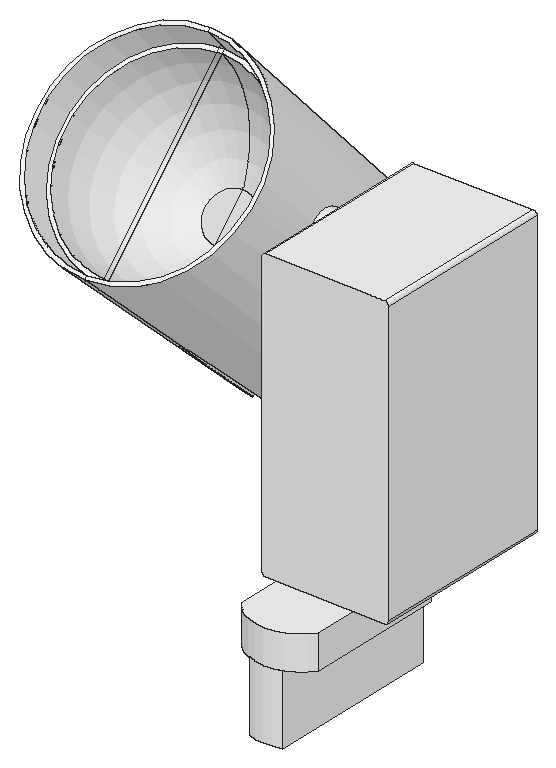
Revit family "0004811 Feilo Sylvania Lighting Fixture START TRACK SPOT S 14W 3K RA80 NB WHITE", category Lighting Fixtures, host Face, Revit 2017 (continued)
Definition of nested family "Start Track Spot Head"
  Types (96, lengths in mm): name | Wattage | built-in parameter 1150134 | Photometric Web File | Model | built-in parameter 1150105 | Lumens | built-in parameter 1150107 | built-in parameter 1150106 | HeadThickness_FEILO | HeadRibOffset_FEILO | HeadRibDepth_FEILO | HeadRibCutWidth_FEILO | HeadRibCutOffset_FEILO | HeadReflectorRadius_FEILO | HeadReflectorOffset_FEILO | HeadLEDRadius_FEILO | HeadHeight_FEILO | HeadDiffusorOffset_FEILO | HeadDiaOut_FEILO | HeadDiaIn_FEILO | HeadAxisFromTop_FEILO | Emit from Circle Diameter | built-in parameter 1150104 | Description | Apparent Load
    0004812 START TRACK SPOT S 14W 3K RA80 MB WHITE | 14 W | (empty or 0) | "0004812.ies" | "START TRACK SPOT S 14W 3K RA80 MB WHITE" | 120.32 (stored number, unit not read) | 1512 lm | 3000 (stored number, unit not read) | 1.2032 (stored number, unit not read) | 1.5 | 4.179 | 55.714 | 7.167 | 50.87 | 50.588 | 55.714 | 9.556 | 117 | 9.435 | 86 | 77.477 | 69.354 | 77.477 | 10.034 (stored number, unit not read) | "Integrated LED spotlight, Textured White - RAL9016, compact and minimalist design, ideal for retail applications, die-cast aluminium body, passive cooling heatsink. Beam angle: 36°, color temperature: 3000K , total system power: 14W, total fixture output: 1508 lm, LOR: 100%, colour rendering: Ra: 80 typical, LED Chromaticity: 3 step MacAdam ellipse, lifetime: >50000 hours at L70B50, energy class: A++, A+, A, IR/UV free light source without heat radiation, operating voltage: 220-240V / 50-60Hz, drive current: 350mA, electronic driver, non-dimmable, power factor: 0.92, electrical protection: Class II, Global Track 3 Phase adapter suitable for Global trac 3-circuit tracks, ingress protection rating: IP20, suitable for internal environment only, horizontal rotation: 355°, vertical tilt: 90°, dimensions: Ø86x140x200, weight: 0.940kg." | 14 VA
    0004811 START TRACK SPOT S 14W 3K RA80 NB WHITE | 14 W | (empty or 0) | "0004811.ies" | "START TRACK SPOT S 14W 3K RA80 NB WHITE" | 123.66 (stored number, unit not read) | 1554 lm | 3000 (stored number, unit not read) | 1.2366 (stored number, unit not read) | 1.5 | 4.179 | 55.714 | 7.167 | 50.87 | 50.588 | 55.714 | 9.556 | 117 | 9.435 | 86 | 77.477 | 69.354 | 77.477 | 10.312 (stored number, unit not read) | "Integrated LED spotlight, Textured White - RAL9016, compact and minimalist design, ideal for retail applications, die-cast aluminium body, passive cooling heatsink. Beam angle: 12°, color temperature: 3000K , total system power: 14W, total fixture output: 1551 lm, LOR: 100%, colour rendering: Ra: 80 typical, LED Chromaticity: 3 step MacAdam ellipse, lifetime: >50000 hours at L70B50, energy class: A++, A+, A, IR/UV free light source without heat radiation, operating voltage: 220-240V / 50-60Hz, drive current: 350mA, electronic driver, non-dimmable, power factor: 0.92, electrical protection: Class II, Global Track 3 Phase adapter suitable for Global trac 3-circuit tracks, ingress protection rating: IP20, suitable for internal environment only, horizontal rotation: 355°, vertical tilt: 90°, dimensions: Ø86x140x200, weight: 0.940kg." | 14 VA
  Reference planes
    plane 1 "Center (Front/Back)": y = 0
    plane 2: z = 0
    plane 3 "Center (Left/Right)": x = 0
    plane 4: x = 43
    plane 5: x = -43
    plane 6: x = -38.739
    plane 7: x = 38.739
    plane 8: z = 69.354
    plane 9: z = -47.646
    plane 10: x = -41.5
    plane 11: x = -37.239
    plane 12: z = -38.211
    plane 13: z = -35.211
    plane 14: z = 8.068
    plane 15: x = -9.556
    plane 16: x = -28.667
    plane 17: x = -19.111
    plane 18: x = -27.167
    plane 19: x = -17.611
    plane 20: x = -8.056
    plane 21: z = 13.64
    plane 22: x = -29.667
    plane 23: x = -26.167
    plane 24: x = -20.111
    plane 25: x = -16.611
    plane 26: x = -10.556
    plane 27: x = -7.056
    plane 28: x = -36.239
    plane 29: x = -40.5
    plane 30: z = 65.175
    plane 31: z = 60.997
    plane 32: z = 56.818
    plane 33: z = 18.484
    plane 34: y = -43
    plane 35: y = 43
    plane 36: y = 3.583
    plane 37: y = -3.583
    plane 38: y = -2.583
    plane 39: y = 2.583
    plane 40: y = 46
    plane 41: z = 13.5
    plane 42: z = -13.5
    plane 43: y = 39
    plane 44: x = 4.708
    plane 45: x = -2.458
    plane 46: x = -1.458
    plane 47: x = 1.458
  Forms (mm)
    Extrusion 1, solid
      sketch origin (4.2, 0, 0) x (1, 0, 0) y (0, 1, 0)
        loop
          line (-1219.2, 1219.2) -> (-1219.2, -1219.2) -> (1219.2, -1219.2) -> (1219.2, 1219.2) -> (-1219.2, 1219.2)
      from 0 to -68.017
    Revolve 2, solid, material <- "Material_1_FEILO", detail levels medium+fine
      sketch origin (0, 0, 0) x (1, 0, 0) y (0, 0, 1)
        loop
          line (-43, -47.646) -> (-41.5, -47.646) -> (-40.5, -35.211) -> (-38.739, -35.211)
          arc (-38.739, -35.211) -> (-30.16, -9.517) -> (-9.556, 8.068) r 50.588
          line (-9.556, 8.068) -> (0, 8.068) -> (0, 13.64) -> (-16.611, 13.64) -> (-17.611, 60.997) -> (-19.111, 60.997) -> (-20.111, 13.64) -> (-36.239, 13.64) -> (-37.239, 69.354) -> (-38.739, 69.354) -> (-43, -47.646)
        axis (0, 69.354) -> (0, -47.646)
      angle from 360 to 0
    Extrusion 3, void
      sketch origin (0, 0, 0) x (0, 1, 0) y (0, 0, 1)
        loop
          line (-3.583, 69.354) -> (-2.583, 18.484) -> (1.932, 18.484) -> (2.932, 69.354) -> (-3.583, 69.354)
      from 43 to -43
    Revolve 4, solid, material <- "Material_2_FEILO", detail levels medium+fine
      sketch origin (0, 0, 0) x (1, 0, 0) y (0, 0, 1)
        loop
          line (-41.5, -38.211) -> (0, -38.211) -> (0, -35.211) -> (-41.5, -35.211) -> (-41.5, -38.211)
        axis (0, -35.211) -> (0, -38.211)
      angle from 360 to 0
    Revolve 5, solid, material <- "Material_1_FEILO"
      sketch origin (0, 0, 0) x (0, 1, 0) y (0, 0, 1)
        loop
          line (46, 0) -> (39, 0) -> (39, -13.5) -> (46, -13.5) -> (46, 0)
        axis (39, 0) -> (46, 0)
      angle from 360 to 0
    Revolve 6, solid, material <- "Material_1_FEILO", detail levels medium+fine
      sketch origin (0, 0, 0) x (1, 0, 0) y (0, 0, 1)
        loop
          line (-29.667, 13.64) -> (-26.167, 13.64) -> (-27.167, 65.175) -> (-28.667, 65.175) -> (-29.667, 13.64)
        loop
          line (-10.556, 13.64) -> (-7.056, 13.64) -> (-7.833, 56.818) -> (-9.778, 56.818) -> (-10.556, 13.64)
        axis (0, 65.175) -> (0, 13.64)
      angle from 360 to 0
    Extrusion 7, void
      sketch origin (0, 0, 0) x (1, 0, 0) y (0, 0, 1)
        loop
          line (4.708, 69.354) -> (-2.458, 69.354) -> (-1.458, 13.64) -> (1.458, 13.64) -> (4.708, 69.354)
      from -43 to 43
    Revolve 8, solid, material <- "Material_1_FEILO", detail levels coarse
      sketch origin (0, 0, 0) x (1, 0, 0) y (0, 0, 1)
        loop
          line (0, 69.354) -> (-38.739, 69.354) -> (-43, -47.646) -> (-41.5, -47.646) -> (-40.731, -38.211) -> (0, -38.211) -> (0, 69.354)
        axis (0, 69.354) -> (0, -47.646)
      angle from 360 to 0
  Cuts and joins
    Extrusion 3 cuts Revolve 2
    Extrusion 7 cuts Revolve 6
  Dimensions and locks
    equal spacing: plane 7, plane 3 "Center (Left/Right)", plane 6
    equal spacing: plane 4, plane 3 "Center (Left/Right)", plane 5
    "HeadDiaOut_FEILO": plane 4 to plane 5
    "HeadDiaIn_FEILO": plane 7 to plane 6
    "HeadHeight_FEILO": plane 8 to plane 9
    "HeadThickness_FEILO": plane 10 to plane 5
    "HeadThickness_FEILO": plane 11 to plane 6
    "HeadDiffusorOffset_FEILO": plane 12 to plane 9
    "HeadDiffusorThickness_FEILO": plane 13 to plane 12
    "HeadReflectorOffset_FEILO": plane 14 to plane 9
    "HeadLEDRadius_FEILO": plane 3 "Center (Left/Right)" to plane 15
    "HeadLEDRadius_FEILO": plane 15 to plane 17
    "HeadLEDRadius_FEILO": plane 17 to plane 16
    "HeadThickness_FEILO": plane 18 to plane 16
    "HeadThickness_FEILO": plane 19 to plane 17
    "HeadThickness_FEILO": plane 20 to plane 15
    "HeadRibDepth_FEILO": plane 8 to plane 21
    "HeadDraft_FEILO": plane 16 to plane 22
    "HeadDraft_FEILO": plane 23 to plane 18
    "HeadDraft_FEILO": plane 17 to plane 24
    "HeadDraft_FEILO": plane 25 to plane 19
    "HeadDraft_FEILO": plane 15 to plane 26
    "HeadDraft_FEILO": plane 27 to plane 20
    "HeadDraft_FEILO": plane 29 to plane 10
    "HeadDraft_FEILO": plane 28 to plane 11
    "HeadRibOffset_FEILO": plane 8 to plane 30
    "HeadRibOffset_FEILO": plane 30 to plane 31
    "HeadRibOffset_FEILO": plane 31 to plane 32
    "HeadAxisFromTop_FEILO": plane 8 to plane 2
    "HeadRibCutOffset_FEILO": plane 8 to plane 33
    equal spacing: plane 34, plane 1 "Center (Front/Back)", plane 35
    "HeadDiaOut_FEILO": plane 34 to plane 35
    equal spacing: plane 38, plane 1 "Center (Front/Back)", plane 39
    equal spacing: plane 37, plane 1 "Center (Front/Back)", plane 36
    "HeadRibCutWidth_FEILO": plane 37 to plane 36
    "HeadDraft_FEILO": plane 37 to plane 38
    locked: plane 35 to plane 40 at 3
    equal spacing: plane 41, plane 2, plane 42
    locked: plane 42 to plane 41 at 27
    locked: plane 43 to plane 35 at 4
    equal spacing: plane 45, imposter light, plane 44
    "HeadDraft_FEILO": plane 46 to plane 45
    "HeadRibCutWidth_FEILO": plane 44 to plane 45
    equal spacing: plane 47, plane 3 "Center (Left/Right)", plane 46
    "HeadReflectorRadius_FEILO": radius of Revolve 2 sketch curve
    aligned and locked: plane 2 to Extrusion 1
    aligned and locked: level to Extrusion 1
    aligned and locked: Revolve 2 sketch curve to plane 3 "Center (Left/Right)"  (x2)
    aligned and locked: plane 9 to Revolve 2 sketch curve  (x2)
    aligned and locked: plane 5 to Revolve 2 sketch curve
    aligned and locked: plane 10 to Revolve 2 sketch curve
    aligned and locked: plane 14 to Revolve 2 sketch curve
    aligned and locked: plane 8 to Revolve 2 sketch curve
    aligned and locked: Revolve 2 sketch curve to plane 13
    aligned and locked: plane 12 to Revolve 4 sketch curve
    aligned and locked: plane 3 "Center (Left/Right)" to Revolve 4 sketch curve
    aligned and locked: Revolve 4 sketch curve to plane 10
    aligned and locked: Revolve 4 sketch curve to plane 3 "Center (Left/Right)"
    aligned and locked: plane 12 to imposter light
    aligned and locked: imposter light to plane 1 "Center (Front/Back)"
    aligned and locked: Revolve 5 sketch curve to plane 2
    aligned and locked: plane 43 to Revolve 5 sketch curve
    aligned and locked: plane 42 to Revolve 5 sketch curve
    aligned and locked: Revolve 6 sketch curve to plane 3 "Center (Left/Right)"
    aligned and locked: plane 22 to Revolve 6 sketch curve
    aligned and locked: plane 30 to Revolve 6 sketch curve
    aligned and locked: plane 23 to Revolve 6 sketch curve
    aligned and locked: Revolve 6 sketch curve to plane 21  (x2)
    aligned and locked: plane 21 to Revolve 6 sketch curve
    aligned and locked: plane 17 to Revolve 2 sketch curve
    aligned and locked: plane 19 to Revolve 2 sketch curve
    aligned and locked: plane 31 to Revolve 2 sketch curve
    aligned and locked: plane 21 to Revolve 2 sketch curve
    aligned and locked: Extrusion 3 to plane 8
    aligned and locked: plane 33 to Extrusion 3
    aligned and locked: plane 8 to Extrusion 3 sketch curve
    aligned and locked: Extrusion 3 sketch curve to plane 33
    aligned and locked: Extrusion 3 to plane 5
    aligned and locked: plane 4 to Extrusion 3
    aligned and locked: plane 32 to Revolve 6 sketch curve
    aligned and locked: plane 44 to Extrusion 7 sketch curve
    aligned and locked: Extrusion 7 sketch curve to plane 8
    aligned and locked: plane 46 to Extrusion 7 sketch curve
    aligned and locked: plane 21 to Extrusion 7 sketch curve
    aligned and locked: plane 34 to Extrusion 7
    aligned and locked: Extrusion 7 to plane 35
    aligned and locked: Revolve 4 sketch curve to plane 13
    aligned and locked: Revolve 5 sketch curve to plane 40
    aligned and locked: Revolve 8 sketch curve to plane 3 "Center (Left/Right)"
    aligned and locked: Revolve 8 sketch curve to cut or joined group of Revolve 2, Extrusion 3  (x3)
    aligned and locked: plane 5 to Revolve 8 sketch curve
    aligned and locked: plane 3 "Center (Left/Right)" to Revolve 8 sketch curve
    aligned and locked: plane 12 to Revolve 8 sketch curve
  Automatic sketch dimensions
    Extrusion 1 sketch curve to Extrusion 1 sketch curve = 2438.4 mm  (x2)
    Extrusion 3 sketch curve to plane 37 = 0 mm
    Extrusion 3 sketch curve to plane 38 = 0 mm
    plane 39 to Extrusion 3 sketch curve = 0.651 mm
    Extrusion 3 sketch curve to plane 39 = 0.349 mm
    Revolve 6 sketch curve to plane 16 = 0 mm
    Revolve 6 sketch curve to plane 18 = 0 mm
    Revolve 6 sketch curve to plane 26 = 0 mm
    Revolve 6 sketch curve to plane 27 = 0 mm
    Revolve 6 sketch curve to plane 15 = 0.222 mm
    plane 9 to Revolve 6 sketch curve = 559.103 mm
    Revolve 6 sketch curve to plane 8 = 2535.555 mm
    plane 20 to Revolve 6 sketch curve = 0.222 mm
    Revolve 2 sketch curve to plane 29 = 0 mm
    Revolve 2 sketch curve to plane 6 = 0 mm  (x2)
    Revolve 2 sketch curve to plane 11 = 0 mm
    Revolve 2 sketch curve to plane 21 = 0 mm
    Revolve 2 sketch curve to plane 28 = 0 mm
    Revolve 2 sketch curve to plane 24 = 0 mm
    Revolve 2 sketch curve to plane 25 = 0 mm
    Revolve 2 sketch curve to plane 15 = 0 mm
    Revolve 2 sketch curve to Revolve 2 sketch curve = 557.155 mm
    Revolve 2 sketch curve to plane 8 = 2535.558 mm
    Extrusion 7 sketch curve to plane 45 = 0 mm
    Extrusion 7 sketch curve to plane 47 = 0 mm
    plane 9 to Revolve 4 sketch curve = 559.103 mm
    Revolve 4 sketch curve to plane 8 = 2535.555 mm
    Revolve 5 sketch curve to level = 0 mm
    plane 34 to Revolve 5 sketch curve = 1968.092 mm
    Revolve 5 sketch curve to plane 40 = 1405.763 mm
    Revolve 8 sketch curve to plane 6 = 0 mm
    Revolve 8 sketch curve to plane 29 = 0.231 mm
    plane 9 to Revolve 8 sketch curve = 559.103 mm
    Revolve 8 sketch curve to Revolve 8 sketch curve = 2535.555 mm
Definition of nested family "Start Track Spot Box"
  Parameters (values of type "Type Large White")
    URL = "http://www.feilosylvania.com"
    Type Image = (empty or 0)
    Type Comments = "n/a"
    Small_FEILO = no
    Material_3_FEILO = none
    Model = ""
    Manufacturer = "Feilo Sylvania"
    Keynote = ""
    Material_2_FEILO = none
    Description = ""
    Default Elevation = 1219.2 mm
    Cost = 0
    Material_1_FEILO = none
    BoxWidth_FEILO = 49 mm
    BoxStartAngle_FEILO [instance] = 0.00°
    BoxRadius_FEILO = 1.5 mm
    BoxHeight_FEILO = if(Small_FEILO, 112 mm, 136 mm)  # 136 mm
    BoxEndAngle_FEILO [instance] = BoxStartAngle_FEILO - 180.00°  # -180.00°
    BoxDepth_FEILO = if(Small_FEILO, 71.5 mm, 79 mm)  # 79 mm
    BoxAxisVerticalOffset_FEILO = 16 mm
    BoxAxisOffset_FEILO = BoxHeight_FEILO / 6.8  # 20 mm
    Assembly Code = ""
    Material_4_FEILO = none
  Types (4, lengths in mm): name | Small_FEILO | BoxHeight_FEILO | BoxDepth_FEILO | BoxAxisOffset_FEILO
    Type Large White | no | 136 | 79 | 20
    Type Small White | yes | 112 | 71.5 | 16.471
    Type Small Black | yes | 112 | 71.5 | 16.471
    Type Large Black | no | 136 | 79 | 20
  Reference planes
    plane 1 "Center (Front/Back)": y = 0
    plane 2: z = 0
    plane 3 "Center (Left/Right)": x = 0
    plane 4: x = 24.5
    plane 5: x = -24.5
    plane 6: y = 68
    plane 7: y = -68
    plane 8: z = 39.5
    plane 9: z = -39.5
    plane 10: y = -48
    plane 11: x = 30.5
    plane 12: x = 8.5
    plane 13: x = 21.5
    plane 14: y = 70
    plane 15: y = 72
    plane 16: x = 19.5
  Forms (mm)
    Extrusion 1, solid
      sketch origin (4.2, 0, 0) x (1, 0, 0) y (0, 1, 0)
        loop
          line (-1219.2, 1219.2) -> (-1219.2, -1219.2) -> (1219.2, -1219.2) -> (1219.2, 1219.2) -> (-1219.2, 1219.2)
      from 0 to -68.017
    Extrusion 2, solid, material <- "Material_1_FEILO"
      sketch origin (0, 0, 0) x (1, 0, 0) y (0, 1, 0)
        loop
          arc (-23, 68) -> (-24.061, 67.561) -> (-24.5, 66.5) r 1.5
          line (-24.5, 66.5) -> (-24.5, -66.5)
          arc (-24.5, -66.5) -> (-24.061, -67.561) -> (-23, -68) r 1.5
          line (-23, -68) -> (23, -68)
          arc (23, -68) -> (24.061, -67.561) -> (24.5, -66.5) r 1.5
          line (24.5, -66.5) -> (24.5, 66.5)
          arc (24.5, 66.5) -> (24.061, 67.561) -> (23, 68) r 1.5
          line (23, 68) -> (-23, 68)
      from -39.5 to 39.5
    Revolve 3, solid, not visible
      sketch origin (0, 0, 0) x (1, 0, 0) y (0, 1, 0)
        loop
          line (30.5, -48) -> (24.5, -48) -> (24.5, -68) -> (30.5, -68) -> (30.5, -48)
        axis (30.5, -48) -> (24.5, -48)
      angle from 0 <- "BoxStartAngle_FEILO" to -180 <- "BoxEndAngle_FEILO"
    Revolve 4, solid, material <- "Material_2_FEILO"
      sketch origin (0, 0, 0) x (1, 0, 0) y (0, 1, 0)
        loop
          line (8.5, 68) -> (19.5, 68) -> (19.5, 70) -> (21.5, 70) -> (21.5, 72) -> (8.5, 72) -> (8.5, 68)
        axis (8.5, 72) -> (8.5, 68)
      angle from 360 to 0
  Dimensions and locks
    equal spacing: plane 5, plane 3 "Center (Left/Right)", plane 4
    "BoxWidth_FEILO": plane 5 to plane 4
    equal spacing: plane 7, plane 1 "Center (Front/Back)", plane 6
    "BoxHeight_FEILO": plane 7 to plane 6
    equal spacing: plane 8, plane 2, plane 9
    "BoxDepth_FEILO": plane 8 to plane 9
    "BoxAxisOffset_FEILO": plane 7 to plane 10
    locked: plane 4 to plane 11 at 6
    "BoxAxisVerticalOffset_FEILO": plane 12 to plane 4
    locked: plane 12 to plane 13 at 13
    plane 6 to plane 14 to plane 15 = 2 mm locked, 2 mm locked
    locked: plane 12 to plane 16 at 11
    "BoxRadius_FEILO": radius of Extrusion 2 sketch curve  (x4)
    aligned and locked: plane 2 to Extrusion 1
    aligned and locked: level to Extrusion 1
    aligned and locked: plane 6 to Extrusion 2 sketch curve
    aligned and locked: plane 5 to Extrusion 2 sketch curve
    aligned and locked: Extrusion 2 sketch curve to plane 7
    aligned and locked: Extrusion 2 sketch curve to plane 4
    aligned and locked: Extrusion 2 to plane 8
    aligned and locked: plane 9 to Extrusion 2
    aligned and locked: Revolve 3 sketch curve to plane 10  (x2)
    aligned and locked: plane 11 to Revolve 3 sketch curve
    aligned and locked: Revolve 3 sketch curve to plane 4
    aligned and locked: plane 7 to Revolve 3 sketch curve
    aligned and locked: Revolve 4 sketch curve to plane 12
    aligned and locked: plane 6 to Revolve 4 sketch curve
    aligned and locked: plane 12 to Revolve 4 sketch curve
    aligned and locked: plane 15 to Revolve 4 sketch curve
    aligned and locked: Revolve 4 sketch curve to plane 13
    aligned and locked: Revolve 4 sketch curve to plane 14
    aligned and locked: Revolve 4 sketch curve to plane 16
    aligned and locked: Revolve 4 sketch curve to plane 6
  Automatic sketch dimensions
    Extrusion 1 sketch curve to Extrusion 1 sketch curve = 2438.4 mm  (x2)
    Revolve 3 sketch curve to plane 5 = 1499.5 mm
    plane 11 to Revolve 3 sketch curve = 1493.5 mm
    plane 15 to Revolve 4 sketch curve = 0 mm
    plane 7 to Revolve 4 sketch curve = 1456 mm
    Revolve 4 sketch curve to plane 15 = 1452 mm
